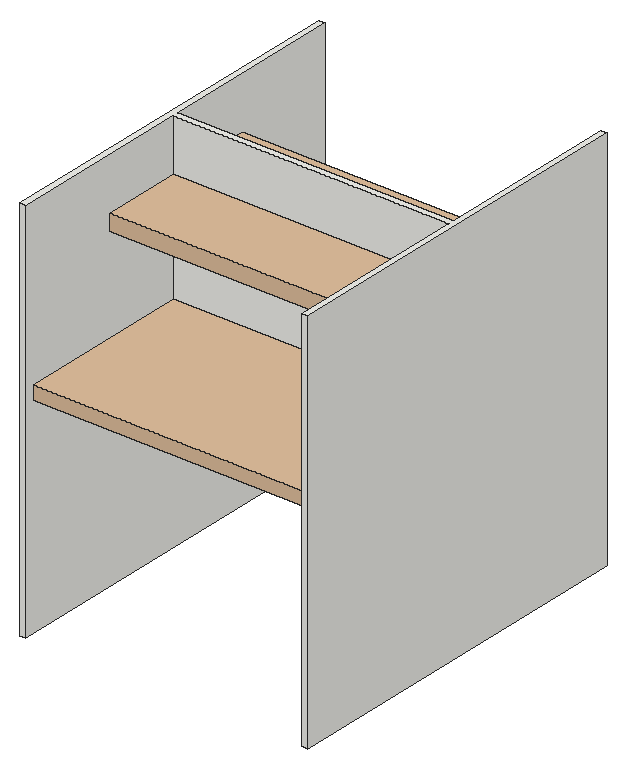
Revit family "M_Baias com laterais duplas", category Equipamento especial, Revit 2019
Family settings
  Cota do conector redondo = Utilizar diâmetro
  Tipo de parte = Normal
  Número OmniClass = 23.40.50.27.21.17
  Título OmniClass = Study Carrels
  ID de item do Seek = Dbl Sided Carrel-0000-CAN-ENU
  Com base no plano de trabalho = Não
  Sempre na vertical = Sim
  Corte com vazios quando carregada = Não
  Compartilhado = Não
  Ponto de cálculo do ambiente = Não
Parameters
  Material da partição = Laminado - Marfim, Fosco
  Material da mesa/prateleira = Cerejeira
Reference planes
  plane 1 "Centro (Frente/Trás)": y = 0
  plane 2: z = 0
  plane 3 "Centro (Esquerda/Direita)": x = 0
  plane 4: x = -457.2
  plane 5: x = -438.15
  plane 6: x = 438.15
  plane 7: x = 457.2
  plane 8: y = -593.725
  plane 9: y = 9.525
  plane 10: y = 593.725
  plane 11: y = -9.525
  plane 12: y = 542.925
  plane 13: y = -542.925
  plane 14 "Superfície de trabalho": z = 685.8
  plane 15: z = 1066.8
Forms (mm)
  Extrusion 1, solid, material "Laminado - Marfim, Fosco" <- "Material da partição"
    sketch origin (0, 0, 0) x (1, 0, 0) y (0, 1, 0)
      loop
        line (-457.2, 593.725) -> (-457.2, -593.725) -> (-438.15, -593.725) -> (-438.15, -9.525) -> (438.15, -9.525) -> (438.15, -593.725) -> (457.2, -593.725) -> (457.2, 593.725) -> (438.15, 593.725) -> (438.15, 9.525) -> (-438.15, 9.525) -> (-438.15, 593.725) -> (-457.2, 593.725)
    from 0 to 1231.9
  Extrusion 2, solid, material "Cerejeira" <- "Material da mesa/prateleira"
    sketch origin (-438.15, -593.725, 1231.9) x (0, 0, -1) y (0, 1, 0)
      loop
        line (546.1, 50.8) -> (546.1, 584.2) -> (520.7, 584.2) -> (520.7, 25.4) -> (565.15, 25.4) -> (565.15, 50.8) -> (546.1, 50.8)
      loop
        line (546.1, 1136.65) -> (565.15, 1136.65) -> (565.15, 1162.05) -> (520.7, 1162.05) -> (520.7, 603.25) -> (546.1, 603.25) -> (546.1, 1136.65)
    from 0 to 876.3
  Extrusion 3, solid, material "Cerejeira" <- "Material da mesa/prateleira"
    sketch origin (-457.2, 593.725, 1231.9) x (0, 0, -1) y (0, -1, 0)
      loop
        line (165.1, 584.2) -> (165.1, 330.2) -> (215.9, 330.2) -> (215.9, 342.9) -> (177.8, 342.9) -> (177.8, 584.2) -> (165.1, 584.2)
      loop
        line (165.1, 602.324) -> (177.8, 602.324) -> (177.8, 844.55) -> (215.9, 844.55) -> (215.9, 857.25) -> (165.1, 857.25) -> (165.1, 602.324)
    from -19.05 to -895.35
  Extrusion 4, void
    sketch origin (-438.15, -9.525, 1231.9) x (0, 0, -1) y (1, 0, 0)
      loop
        line (1231.9, 0) -> (1231.9, 876.3) -> (850.9, 876.3) -> (850.9, 0) -> (1231.9, 0)
    from 0 to -25.4
Cuts and joins
  Extrusion 4 cuts Extrusion 1
  Extrusion 4 cuts Extrusion 2
  Extrusion 4 cuts Extrusion 3
Lines and regions (mm)
  Masking region 1
    outline origin (0, 0, 685.8) x (1, 0, 0) y (0, 1, 0)
      loop
        line (-438.15, 568.325) -> (-438.15, 9.525) -> (438.15, 9.525) -> (438.15, 568.325) -> (-438.15, 568.325)
      loop
        line (-438.15, -9.525) -> (-438.15, -568.325) -> (438.15, -568.325) -> (438.15, -9.525) -> (-438.15, -9.525)
  Masking region 2
    outline origin (0, 0, 0) x (1, 0, 0) y (0, 1, 0)
      loop
        line (-457.2, -593.725) -> (-438.15, -593.725) -> (-438.15, -263.525) -> (438.15, -263.525) -> (438.15, -593.725) -> (457.2, -593.725) -> (457.2, 593.725) -> (438.15, 593.725) -> (438.15, 263.525) -> (-438.15, 263.525) -> (-438.15, 593.725) -> (-457.2, 593.725) -> (-457.2, -593.725)
  symbolic lines
    curve 1: line (-457.2, 9.525, 0) -> (457.2, 9.525, 0)
    curve 2: line (-457.2, -9.525, 0) -> (457.2, -9.525, 0)
    curve 3: line (-438.15, 263.525, 0) -> (-438.15, 9.525, 0)
    curve 4: line (-438.15, -263.525, 0) -> (-438.15, -9.525, 0)
    curve 5: line (438.15, -263.525, 0) -> (438.15, -9.525, 0)
    curve 6: line (438.15, 263.525, 0) -> (438.15, 9.525, 0)
Dimensions and locks
  equal spacing: plane 4, plane 3 "Centro (Esquerda/Direita)", plane 7
  aligned and locked: Masking region 1 sketch curve to plane 9
  aligned and locked: plane 6 to Masking region 1 sketch curve  (x2)
  aligned and locked: Masking region 1 sketch curve to plane 5  (x2)
  aligned and locked: Masking region 1 sketch curve to cut or joined group of Extrusion 2, Extrusion 4  (x2)
  aligned and locked: plane 11 to Masking region 1 sketch curve
  aligned and locked: plane 10 to Masking region 2 sketch curve  (x2)
  aligned and locked: Masking region 2 sketch curve to plane 8  (x2)
  aligned and locked: plane 7 to Masking region 2 sketch curve
  aligned and locked: Masking region 2 sketch curve to plane 6  (x2)
  aligned and locked: plane 5 to Masking region 2 sketch curve  (x2)
  aligned and locked: Masking region 2 sketch curve to plane 4
  aligned and locked: Masking region 2 sketch curve to cut or joined group of Extrusion 3, Extrusion 4  (x2)
  aligned: cut or joined group of Extrusion 3, Extrusion 4 to curve 6
  aligned: curve 6 to cut or joined group of Extrusion 3, Extrusion 4
Automatic sketch dimensions
  curve 2 to plane 4 = 0.00 mm
  curve 1 to plane 4 = 0.00 mm
  curve 4 to plane 5 = 0.00 mm
  curve 3 to plane 5 = 0.00 mm
  curve 6 to plane 6 = 0.00 mm
  curve 5 to plane 6 = 0.00 mm
  curve 1 to plane 7 = 0.00 mm
  curve 2 to plane 7 = 0.00 mm
  curve 2 to plane 11 = 0.00 mm
  curve 6 to plane 9 = 0.00 mm
  curve 5 to curve 5 = 254.00 mm
  curve 4 to curve 4 = 254.00 mm
  curve 6 to plane 9 = 254.00 mm
  curve 3 to plane 9 = 254.00 mm
